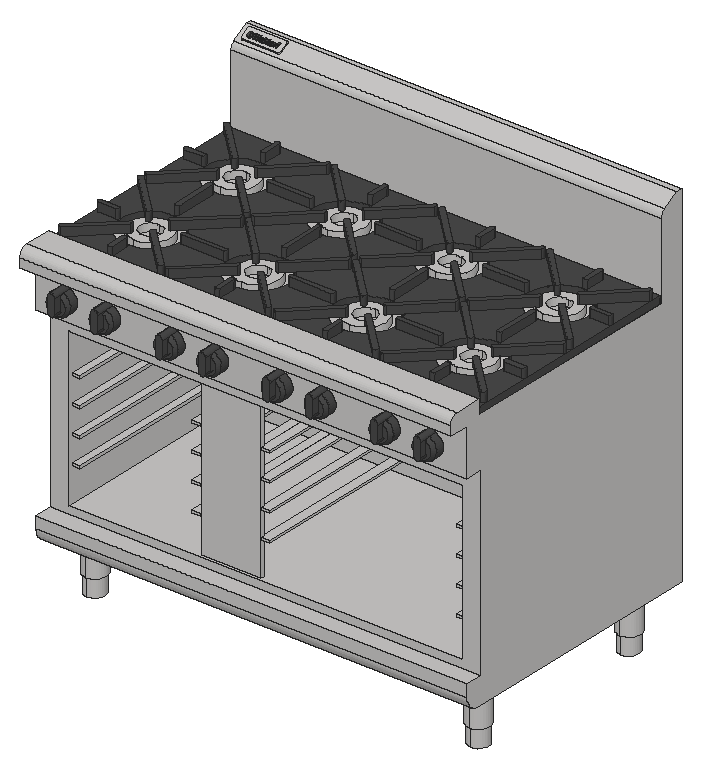
Revit family "QF_MOFFAT WALDORF_RN8800G-CB", category Specialty Equipment, Revit 2012 (continued)
Lines and regions (mm)
  symbolic lines
    curve 22: line (389.563, -20.984, 0) -> (409.563, -20.984, 0)
    curve 23: line (409.563, -20.984, 0) -> (409.563, -50.782, 0)
    curve 24: line (409.563, -50.782, 0) -> (389.563, -50.782, 0)
    curve 25: line (449.563, -20.984, 0) -> (449.563, -50.782, 0)
    curve 26: line (449.563, -50.782, 0) -> (469.563, -50.782, 0)
    curve 27: line (469.563, -50.782, 0) -> (469.563, -20.984, 0)
    curve 28: line (469.563, -20.984, 0) -> (449.563, -20.984, 0)
    curve 29: line (509.563, -20.984, 0) -> (509.563, -50.782, 0)
    curve 30: line (509.563, -50.782, 0) -> (529.563, -50.782, 0)
    curve 31: line (529.563, -50.782, 0) -> (529.563, -20.984, 0)
    curve 32: line (529.563, -20.984, 0) -> (509.563, -20.984, 0)
    curve 33: line (569.563, -50.782, 0) -> (569.563, -20.984, 0)
    curve 34: line (569.563, -20.984, 0) -> (589.563, -20.984, 0)
    curve 35: line (589.563, -20.984, 0) -> (589.563, -50.782, 0)
    curve 36: line (589.563, -50.782, 0) -> (569.563, -50.782, 0)
    curve 37: line (629.563, -20.984, 0) -> (629.563, -50.782, 0)
    curve 38: line (629.563, -50.782, 0) -> (649.563, -50.782, 0)
    curve 39: line (649.563, -50.782, 0) -> (649.563, -20.984, 0)
    curve 40: line (649.563, -20.984, 0) -> (629.563, -20.984, 0)
    curve 41: line (689.563, -20.984, 0) -> (689.563, -50.782, 0)
    curve 42: line (689.563, -50.782, 0) -> (709.563, -50.782, 0)
    curve 43: line (709.563, -50.782, 0) -> (709.563, -20.984, 0)
    curve 44: line (709.563, -20.984, 0) -> (689.563, -20.984, 0)
    curve 45: line (749.563, -50.782, 0) -> (749.563, -20.984, 0)
    curve 46: line (749.563, -20.984, 0) -> (769.563, -20.984, 0)
    curve 47: line (769.563, -20.984, 0) -> (769.563, -50.782, 0)
    curve 48: line (769.563, -50.782, 0) -> (749.563, -50.782, 0)
    curve 49: line (809.563, -20.984, 0) -> (809.563, -50.782, 0)
    curve 50: line (809.563, -50.782, 0) -> (829.563, -50.782, 0)
    curve 51: line (829.563, -50.782, 0) -> (829.563, -20.984, 0)
    curve 52: line (829.563, -20.984, 0) -> (809.563, -20.984, 0)
    curve 53: line (869.563, -20.984, 0) -> (869.563, -50.782, 0)
    curve 54: line (869.563, -50.782, 0) -> (889.563, -50.782, 0)
    curve 55: line (889.563, -50.782, 0) -> (889.563, -20.984, 0)
    curve 56: line (889.563, -20.984, 0) -> (869.563, -20.984, 0)
    curve 57: line (929.563, -50.782, 0) -> (929.563, -20.984, 0)
    curve 58: line (929.563, -20.984, 0) -> (949.563, -20.984, 0)
    curve 59: line (949.563, -20.984, 0) -> (949.563, -50.782, 0)
    curve 60: line (949.563, -50.782, 0) -> (929.563, -50.782, 0)
    curve 61: line (989.563, -20.984, 0) -> (989.563, -50.782, 0)
    curve 62: line (989.563, -50.782, 0) -> (1009.563, -50.782, 0)
    curve 63: line (1009.563, -50.782, 0) -> (1009.563, -20.984, 0)
    curve 64: line (1009.563, -20.984, 0) -> (989.563, -20.984, 0)
    curve 65: arc (150, -153.418, 0) -> (234.082, -237.5, 0) -> (150, -321.582, 0) r 84.082
    curve 66: arc (150, -321.582, 0) -> (65.918, -237.5, 0) -> (150, -153.418, 0) r 84.082
    curve 67: arc (150, -294.5, 0) -> (207, -237.5, 0) -> (150, -180.5, 0) r 57
    curve 68: arc (150, -180.5, 0) -> (93, -237.5, 0) -> (150, -294.5, 0) r 57
    curve 69: arc (450, -321.582, 0) -> (365.918, -237.5, 0) -> (450, -153.418, 0) r 84.082
    curve 70: arc (450, -153.418, 0) -> (534.082, -237.5, 0) -> (450, -321.582, 0) r 84.082
    curve 71: arc (450, -180.5, 0) -> (393, -237.5, 0) -> (450, -294.5, 0) r 57
    curve 72: arc (450, -294.5, 0) -> (507, -237.5, 0) -> (450, -180.5, 0) r 57
    curve 73: arc (450, -621.582, 0) -> (365.918, -537.5, 0) -> (450, -453.418, 0) r 84.082
    curve 74: arc (450, -453.418, 0) -> (534.082, -537.5, 0) -> (450, -621.582, 0) r 84.082
    curve 75: arc (450, -480.5, 0) -> (393, -537.5, 0) -> (450, -594.5, 0) r 57
    curve 76: arc (450, -594.5, 0) -> (507, -537.5, 0) -> (450, -480.5, 0) r 57
    curve 77: arc (150, -453.418, 0) -> (234.082, -537.5, 0) -> (150, -621.582, 0) r 84.082
    curve 78: arc (150, -621.582, 0) -> (65.918, -537.5, 0) -> (150, -453.418, 0) r 84.082
    curve 79: arc (150, -594.5, 0) -> (207, -537.5, 0) -> (150, -480.5, 0) r 57
    curve 80: arc (150, -480.5, 0) -> (93, -537.5, 0) -> (150, -594.5, 0) r 57
    curve 81: arc (750, -153.418, 0) -> (834.082, -237.5, 0) -> (750, -321.582, 0) r 84.082
    curve 82: arc (750, -321.582, 0) -> (665.918, -237.5, 0) -> (750, -153.418, 0) r 84.082
    curve 83: arc (750, -294.5, 0) -> (807, -237.5, 0) -> (750, -180.5, 0) r 57
    curve 84: arc (750, -180.5, 0) -> (693, -237.5, 0) -> (750, -294.5, 0) r 57
    curve 85: arc (750, -453.418, 0) -> (834.082, -537.5, 0) -> (750, -621.582, 0) r 84.082
    curve 86: arc (750, -621.582, 0) -> (665.918, -537.5, 0) -> (750, -453.418, 0) r 84.082
    curve 87: arc (750, -594.5, 0) -> (807, -537.5, 0) -> (750, -480.5, 0) r 57
    curve 88: arc (750, -480.5, 0) -> (693, -537.5, 0) -> (750, -594.5, 0) r 57
    curve 89: arc (1050, -321.582, 0) -> (965.918, -237.5, 0) -> (1050, -153.418, 0) r 84.082
    curve 90: arc (1050, -153.418, 0) -> (1134.082, -237.5, 0) -> (1050, -321.582, 0) r 84.082
    curve 91: arc (1050, -294.5, 0) -> (1107, -237.5, 0) -> (1050, -180.5, 0) r 57
    curve 92: arc (1050, -180.5, 0) -> (993, -237.5, 0) -> (1050, -294.5, 0) r 57
    curve 93: arc (1050, -621.582, 0) -> (965.918, -537.5, 0) -> (1050, -453.418, 0) r 84.082
    curve 94: arc (1050, -453.418, 0) -> (1134.082, -537.5, 0) -> (1050, -621.582, 0) r 84.082
    curve 95: arc (1050, -480.5, 0) -> (993, -537.5, 0) -> (1050, -594.5, 0) r 57
    curve 96: arc (1050, -594.5, 0) -> (1107, -537.5, 0) -> (1050, -480.5, 0) r 57
    curve 97: line (149.548, -91.559, 0) -> (149.548, -150.474, 0)
    curve 98: line (292.985, -93.673, 0) -> (177.661, -208.996, 0)
    curve 99: line (6.308, -93.805, 0) -> (122.981, -210.478, 0)
    curve 100: line (4.051, -237.21, 0) -> (62.934, -237.21, 0)
    curve 101: line (237.206, -237.685, 0) -> (362.206, -237.685, 0)
    curve 102: line (177.414, -264.855, 0) -> (292.362, -379.803, 0)
    curve 103: line (121.919, -265.123, 0) -> (7.026, -380.016, 0)
    curve 104: line (149.925, -324.847, 0) -> (149.925, -444.847, 0)
    curve 105: line (149.548, -683.441, 0) -> (149.548, -624.526, 0)
    curve 106: line (292.985, -681.327, 0) -> (177.661, -566.004, 0)
    curve 107: line (6.308, -681.195, 0) -> (122.981, -564.522, 0)
    curve 108: line (4.051, -537.79, 0) -> (62.934, -537.79, 0)
    curve 109: line (237.206, -537.315, 0) -> (362.206, -537.315, 0)
    curve 110: line (177.414, -510.145, 0) -> (292.362, -395.197, 0)
    curve 111: line (121.919, -509.877, 0) -> (7.026, -394.984, 0)
    curve 112: line (450.452, -91.559, 0) -> (450.452, -150.474, 0)
    curve 113: line (307.015, -93.673, 0) -> (422.339, -208.996, 0)
    curve 114: line (593.692, -93.805, 0) -> (477.019, -210.478, 0)
    curve 115: line (422.586, -264.855, 0) -> (307.638, -379.803, 0)
    curve 116: line (478.081, -265.123, 0) -> (592.974, -380.016, 0)
    curve 117: line (450.075, -324.847, 0) -> (450.075, -444.847, 0)
    curve 118: line (450.452, -683.441, 0) -> (450.452, -624.526, 0)
    curve 119: line (307.015, -681.327, 0) -> (422.339, -566.004, 0)
    curve 120: line (593.692, -681.195, 0) -> (477.019, -564.522, 0)
    curve 121: line (362.794, -537.315, 0) -> (237.794, -537.315, 0)
    curve 122: line (422.586, -510.145, 0) -> (307.638, -395.197, 0)
    curve 123: line (478.081, -509.877, 0) -> (592.974, -394.984, 0)
    curve 124: arc (1050, -153.418, 0) -> (965.918, -237.5, 0) -> (1050, -321.582, 0) r 84.082
    curve 125: arc (1050, -321.582, 0) -> (1134.082, -237.5, 0) -> (1050, -153.418, 0) r 84.082
    curve 126: arc (1050, -294.5, 0) -> (993, -237.5, 0) -> (1050, -180.5, 0) r 57
    curve 127: arc (1050, -180.5, 0) -> (1107, -237.5, 0) -> (1050, -294.5, 0) r 57
    curve 128: arc (750, -321.582, 0) -> (834.082, -237.5, 0) -> (750, -153.418, 0) r 84.082
    curve 129: arc (750, -153.418, 0) -> (665.918, -237.5, 0) -> (750, -321.582, 0) r 84.082
    curve 130: arc (750, -180.5, 0) -> (807, -237.5, 0) -> (750, -294.5, 0) r 57
    curve 131: arc (750, -294.5, 0) -> (693, -237.5, 0) -> (750, -180.5, 0) r 57
    curve 132: arc (750, -621.582, 0) -> (834.082, -537.5, 0) -> (750, -453.418, 0) r 84.082
    curve 133: arc (750, -453.418, 0) -> (665.918, -537.5, 0) -> (750, -621.582, 0) r 84.082
    curve 134: arc (750, -480.5, 0) -> (807, -537.5, 0) -> (750, -594.5, 0) r 57
    curve 135: arc (750, -594.5, 0) -> (693, -537.5, 0) -> (750, -480.5, 0) r 57
    curve 136: arc (1050, -453.418, 0) -> (965.918, -537.5, 0) -> (1050, -621.582, 0) r 84.082
    curve 137: arc (1050, -621.582, 0) -> (1134.082, -537.5, 0) -> (1050, -453.418, 0) r 84.082
    curve 138: arc (1050, -594.5, 0) -> (993, -537.5, 0) -> (1050, -480.5, 0) r 57
    curve 139: arc (1050, -480.5, 0) -> (1107, -537.5, 0) -> (1050, -594.5, 0) r 57
    curve 140: line (1050.452, -91.559, 0) -> (1050.452, -150.474, 0)
    curve 141: line (907.015, -93.673, 0) -> (1022.339, -208.996, 0)
    curve 142: line (1195.949, -237.21, 0) -> (1137.066, -237.21, 0)
    curve 143: line (962.794, -237.685, 0) -> (837.794, -237.685, 0)
    curve 144: line (1022.586, -264.855, 0) -> (907.638, -379.803, 0)
    curve 145: line (1078.081, -265.123, 0) -> (1192.974, -380.016, 0)
    curve 146: line (1050.075, -324.847, 0) -> (1050.075, -444.847, 0)
    curve 147: line (1050.452, -683.441, 0) -> (1050.452, -624.526, 0)
    curve 148: line (907.015, -681.327, 0) -> (1022.339, -566.004, 0)
    curve 149: line (1193.692, -681.195, 0) -> (1077.019, -564.522, 0)
    curve 150: line (1195.949, -537.79, 0) -> (1137.066, -537.79, 0)
    curve 151: line (962.794, -537.315, 0) -> (837.794, -537.315, 0)
    curve 152: line (1022.586, -510.145, 0) -> (907.638, -395.197, 0)
    curve 153: line (1078.081, -509.877, 0) -> (1192.974, -394.984, 0)
    curve 154: line (749.548, -91.559, 0) -> (749.548, -150.474, 0)
    curve 155: line (892.985, -93.673, 0) -> (777.661, -208.996, 0)
    curve 156: line (606.308, -93.805, 0) -> (722.981, -210.478, 0)
    curve 157: line (777.414, -264.855, 0) -> (892.362, -379.803, 0)
    curve 158: line (721.919, -265.123, 0) -> (607.026, -380.016, 0)
    curve 159: line (749.925, -324.847, 0) -> (749.925, -444.847, 0)
    curve 160: line (749.548, -683.441, 0) -> (749.548, -624.526, 0)
    curve 161: line (892.985, -681.327, 0) -> (777.661, -566.004, 0)
    curve 162: line (606.308, -681.195, 0) -> (722.981, -564.522, 0)
    curve 163: line (837.206, -537.315, 0) -> (962.206, -537.315, 0)
    curve 164: line (777.414, -510.145, 0) -> (892.362, -395.197, 0)
    curve 165: line (721.919, -509.877, 0) -> (607.026, -394.984, 0)
    curve 166: line (1192.985, -93.673, 0) -> (1077.661, -208.996, 0)
    curve 167: line (537.5, -237.685, 0) -> (662.5, -237.685, 0)
    curve 168: line (663.089, -537.315, 0) -> (538.089, -537.315, 0)
    curve 169: line (0, -387.5, 0) -> (1200, -387.5, 0)
    curve 170: line (300.379, -70, 0) -> (300.379, -705, 0)
    curve 171: line (600, -70, 0) -> (600, -705, 0)
    curve 172: line (900, -70, 0) -> (900, -705, 0)
    curve 173: line (1200, -805, 0) -> (1200, 0, 0)
    curve 174: line (0, -805, 0) -> (1200, -805, 0)
    curve 175: line (0, 0, 0) -> (0, -805, 0)
    curve 176: line (1200, -705, 0) -> (0, -705, 0)
    curve 177: line (0, -70, 0) -> (1200, -70, 0)
    curve 178: line (1200, 0, 0) -> (0, 0, 0)
    curve 179: arc (150, -267.5, 150) -> (120, -237.5, 150) -> (150, -207.5, 150) r 30
    curve 180: arc (150, -207.5, 150) -> (180, -237.5, 150) -> (150, -267.5, 150) r 30
    curve 181: arc (450, -267.5, 150) -> (420, -237.5, 150) -> (450, -207.5, 150) r 30
    curve 182: arc (450, -207.5, 150) -> (480, -237.5, 150) -> (450, -267.5, 150) r 30
    curve 183: arc (750, -207.5, 150) -> (780, -237.5, 150) -> (750, -267.5, 150) r 30
    curve 184: arc (750, -267.5, 150) -> (720, -237.5, 150) -> (750, -207.5, 150) r 30
    curve 185: arc (1050, -267.5, 150) -> (1020, -237.5, 150) -> (1050, -207.5, 150) r 30
    curve 186: arc (1050, -207.5, 150) -> (1080, -237.5, 150) -> (1050, -267.5, 150) r 30
    curve 187: arc (1050, -567.5, 150) -> (1020, -537.5, 150) -> (1050, -507.5, 150) r 30
    curve 188: arc (1050, -507.5, 150) -> (1080, -537.5, 150) -> (1050, -567.5, 150) r 30
    curve 189: arc (750, -507.5, 150) -> (780, -537.5, 150) -> (750, -567.5, 150) r 30
    curve 190: arc (750, -567.5, 150) -> (720, -537.5, 150) -> (750, -507.5, 150) r 30
    curve 191: arc (450, -507.5, 150) -> (480, -537.5, 150) -> (450, -567.5, 150) r 30
    curve 192: arc (450, -567.5, 150) -> (420, -537.5, 150) -> (450, -507.5, 150) r 30
    curve 193: arc (150, -507.5, 150) -> (180, -537.5, 150) -> (150, -567.5, 150) r 30
    curve 194: arc (150, -567.5, 150) -> (120, -537.5, 150) -> (150, -507.5, 150) r 30
Dimensions and locks
  equal spacing: plane 3 "LEFT", plane 7 "Center Y", plane 4 "RIGHT"
  plane 3 "LEFT" to plane 4 "RIGHT" = 1200.0 mm
  equal spacing: plane 5 "FRONT", plane 8 "Center X", plane 1 "BACK"
  plane 5 "FRONT" to plane 1 "BACK" = 805.0 mm
  "Base Height": plane 9 "Base Height" to level
  plane 6 "TOP" to level = 1130.0 mm
  plane 10 to plane 11 = 1069.0 mm
  "Body Height": plane 12 to level
  Extrusion 7 sketch curve to plane 13 = 64.8 mm
  Revolve 13 sketch curve to Revolve 13 sketch curve to Revolve 15 = 11.0 mm locked, 23.0 mm locked
  level to Extrusion 4 = 655.0 mm
  Extrusion 26 to Extrusion 26 = 477.356 mm
  aligned and locked: level to plane 2
  aligned and locked: Extrusion 1 to Revolve 13 sketch curve
Automatic sketch dimensions
  curve 65 to curve 67 = 0.0 mm  (x2)
  curve 69 to curve 71 = 0.0 mm  (x2)
  curve 73 to curve 75 = 0.0 mm
  curve 74 to curve 76 = 0.0 mm
  curve 77 to curve 79 = 0.0 mm  (x2)
  curve 81 to curve 83 = 0.0 mm  (x2)
  curve 81 to curve 128 = 0.0 mm  (x3)
  curve 81 to curve 130 = 0.0 mm  (x2)
  curve 85 to curve 87 = 0.0 mm  (x2)
  curve 85 to curve 132 = 0.0 mm
  curve 85 to curve 134 = 0.0 mm  (x2)
  curve 86 to curve 133 = 0.0 mm
  curve 89 to curve 91 = 0.0 mm  (x2)
  curve 90 to curve 127 = 0.0 mm
  curve 91 to curve 126 = 0.0 mm  (x2)
  curve 93 to curve 95 = 0.0 mm  (x2)
  curve 94 to curve 136 = 0.0 mm
  curve 96 to curve 139 = 0.0 mm
  curve 125 to curve 127 = 0.0 mm  (x2)
  curve 137 to curve 139 = 0.0 mm  (x2)
  curve 171 to plane 7 "Center Y" = 0.0 mm
  curve 169 to plane 4 "RIGHT" = 0.0 mm
  plane 3 "LEFT" to curve 100 = 4.051 mm
  plane 3 "LEFT" to curve 108 = 4.051 mm
  plane 3 "LEFT" to curve 107 = 6.308 mm
  plane 3 "LEFT" to curve 99 = 6.308 mm
  plane 3 "LEFT" to curve 111 = 7.026 mm
  plane 3 "LEFT" to curve 103 = 7.026 mm
  plane 3 "LEFT" to curve 3 = 12.5 mm
  curve 100 to plane 11 = 2.066 mm
  curve 108 to plane 11 = 2.066 mm
  plane 11 to curve 4 = 56.5 mm
  plane 11 to curve 103 = 56.919 mm
  plane 11 to curve 111 = 56.919 mm
  curve 111 to curve 107 = 1.062 mm
  curve 103 to curve 99 = 1.062 mm
  curve 99 to curve 97 = 26.567 mm
  plane 11 to curve 105 = 84.548 mm
  curve 2 to curve 5 = 28.062 mm
  curve 103 to curve 104 = 28.006 mm
  curve 104 to curve 80 = 0.075 mm
  curve 104 to curve 68 = 0.075 mm
  curve 5 to curve 7 = 20.0 mm
  curve 65 to curve 102 = 27.414 mm
  curve 77 to curve 110 = 27.414 mm
  curve 67 to curve 98 = 27.661 mm
  curve 79 to curve 106 = 27.661 mm
  curve 6 to curve 9 = 40.0 mm
  curve 9 to curve 12 = 20.0 mm
  curve 102 to curve 101 = 59.792 mm
  curve 110 to curve 109 = 59.792 mm
  curve 109 to curve 121 = 0.589 mm  (x2)
  curve 10 to curve 13 = 40.0 mm
  curve 13 to curve 16 = 20.0 mm
  plane 8 "Center X" to curve 110 = 7.303 mm
  curve 104 to curve 110 = 142.437 mm
  plane 8 "Center X" to curve 102 = 22.697 mm
  curve 102 to curve 110 = 0.0 mm
  curve 105 to curve 106 = 143.437 mm
  plane 1 "BACK" to curve 98 = 93.673 mm
  curve 14 to curve 98 = 3.422 mm
  curve 14 to curve 170 = 10.817 mm
  curve 98 to curve 113 = 14.03 mm
  curve 106 to curve 119 = 14.03 mm
  plane 8 "Center X" to curve 122 = 7.303 mm
  curve 110 to curve 122 = 15.277 mm
  plane 8 "Center X" to curve 115 = 22.697 mm
  curve 102 to curve 115 = 15.277 mm
  curve 15 to curve 20 = 40.0 mm
  curve 17 to curve 19 = 20.0 mm
  curve 101 to curve 101 = 125.0 mm
  curve 121 to curve 109 = 124.411 mm
  curve 19 to curve 22 = 40.0 mm
  curve 21 to curve 23 = 20.0 mm
  curve 101 to curve 113 = 60.133 mm
  curve 121 to curve 119 = 59.544 mm
  curve 113 to curve 115 = 0.248 mm
  curve 119 to curve 122 = 0.248 mm
  curve 22 to curve 25 = 40.0 mm
  curve 122 to curve 73 = 27.414 mm
  curve 113 to curve 72 = 27.661 mm
  curve 74 to curve 117 = 0.075 mm
  curve 70 to curve 112 = 0.452 mm
  curve 73 to curve 118 = 0.452 mm
  curve 25 to curve 27 = 20.0 mm
  curve 73 to curve 120 = 27.019 mm
  curve 69 to curve 114 = 27.019 mm
  curve 73 to curve 123 = 28.081 mm
  curve 69 to curve 116 = 28.081 mm
  curve 26 to curve 30 = 40.0 mm
  curve 29 to curve 31 = 20.0 mm
  curve 167 to plane 7 "Center Y" = 62.5 mm
  curve 168 to plane 7 "Center Y" = 61.911 mm
  curve 33 to plane 7 "Center Y" = 30.437 mm
  curve 35 to plane 7 "Center Y" = 10.437 mm
  curve 123 to plane 7 "Center Y" = 7.026 mm
  curve 116 to plane 7 "Center Y" = 7.026 mm
  curve 120 to plane 7 "Center Y" = 6.308 mm
  curve 114 to plane 7 "Center Y" = 6.308 mm
  plane 7 "Center Y" to curve 156 = 6.308 mm
  plane 7 "Center Y" to curve 162 = 6.308 mm
  plane 7 "Center Y" to curve 165 = 7.026 mm
  plane 7 "Center Y" to curve 158 = 7.026 mm
  plane 7 "Center Y" to curve 37 = 29.563 mm
  curve 37 to curve 38 = 20.0 mm
  plane 7 "Center Y" to curve 167 = 62.5 mm
  plane 7 "Center Y" to curve 168 = 63.089 mm
  curve 38 to curve 41 = 40.0 mm
  curve 41 to curve 43 = 20.0 mm
  curve 167 to curve 158 = 59.419 mm
  curve 168 to curve 165 = 58.83 mm
  curve 158 to curve 156 = 1.062 mm
  curve 165 to curve 162 = 1.062 mm
  curve 162 to curve 160 = 26.567 mm
  curve 156 to curve 154 = 26.567 mm
  curve 43 to curve 45 = 40.0 mm
  curve 158 to curve 159 = 28.006 mm
  curve 159 to curve 128 = 0.075 mm
  curve 162 to curve 133 = 27.019 mm
  curve 45 to curve 47 = 20.0 mm
  curve 85 to curve 164 = 27.414 mm
  curve 81 to curve 157 = 27.414 mm
  curve 84 to curve 155 = 27.661 mm
  curve 134 to curve 161 = 27.661 mm
  curve 47 to curve 50 = 40.0 mm
  curve 49 to curve 51 = 20.0 mm
  curve 164 to curve 163 = 59.792 mm
  curve 163 to curve 151 = 0.589 mm  (x2)
  curve 157 to curve 143 = 60.381 mm
  curve 51 to curve 53 = 40.0 mm
  curve 53 to curve 55 = 20.0 mm
  plane 8 "Center X" to curve 164 = 7.303 mm
  curve 159 to curve 164 = 142.437 mm
  plane 8 "Center X" to curve 157 = 22.697 mm
  curve 157 to curve 164 = 0.0 mm
  curve 160 to curve 161 = 143.437 mm
  plane 1 "BACK" to curve 155 = 93.673 mm
  curve 54 to curve 155 = 3.422 mm
  curve 54 to curve 172 = 10.438 mm
  curve 161 to curve 148 = 14.03 mm
  plane 1 "BACK" to curve 141 = 93.673 mm
  curve 155 to curve 141 = 14.03 mm
  plane 8 "Center X" to curve 144 = 22.697 mm
  curve 157 to curve 144 = 15.277 mm
  plane 8 "Center X" to curve 152 = 7.303 mm
  curve 164 to curve 152 = 15.277 mm
  curve 55 to curve 58 = 40.0 mm
  curve 57 to curve 60 = 20.0 mm
  curve 151 to curve 163 = 124.411 mm
  curve 143 to curve 143 = 125.0 mm
  curve 59 to curve 62 = 40.0 mm
  curve 61 to curve 63 = 20.0 mm
  curve 143 to curve 141 = 59.544 mm
  curve 151 to curve 148 = 59.544 mm
  curve 148 to curve 152 = 0.248 mm
  curve 141 to curve 144 = 0.248 mm
  curve 148 to curve 139 = 27.661 mm
  curve 144 to curve 92 = 27.414 mm
  curve 125 to curve 146 = 0.075 mm
  curve 137 to curve 147 = 0.452 mm
  curve 62 to curve 140 = 40.89 mm
  curve 136 to curve 149 = 27.019 mm
  curve 126 to curve 166 = 27.661 mm
  curve 136 to curve 153 = 28.081 mm
  curve 124 to curve 145 = 28.081 mm
  plane 10 to curve 150 = 3.066 mm
  plane 10 to curve 142 = 3.066 mm
  plane 4 "RIGHT" to curve 145 = 7.026 mm
  plane 4 "RIGHT" to curve 153 = 7.026 mm
  plane 4 "RIGHT" to curve 166 = 7.015 mm
  plane 4 "RIGHT" to curve 149 = 6.308 mm
  plane 4 "RIGHT" to curve 150 = 4.051 mm
  plane 4 "RIGHT" to curve 142 = 4.051 mm
  curve 159 to plane 8 "Center X" = 42.347 mm
  curve 146 to plane 8 "Center X" = 42.347 mm
  curve 117 to plane 8 "Center X" = 42.347 mm
  curve 104 to plane 8 "Center X" = 42.347 mm
  curve 94 to curve 146 = 8.57 mm
  curve 73 to curve 117 = 8.57 mm
  curve 86 to curve 159 = 8.57 mm
  curve 137 to curve 94 = 0.0 mm
  curve 77 to curve 104 = 8.57 mm
  curve 133 to curve 86 = 0.0 mm
  curve 79 to curve 77 = 27.082 mm
  curve 96 to curve 93 = 27.082 mm
  curve 88 to curve 85 = 27.082 mm
  curve 75 to curve 73 = 27.082 mm
  curve 139 to curve 95 = 0.0 mm
  curve 135 to curve 87 = 0.0 mm
  curve 153 to curve 138 = 29.377 mm
  curve 123 to curve 75 = 29.377 mm
  curve 111 to curve 79 = 29.377 mm
  curve 165 to curve 134 = 29.377 mm
  curve 152 to curve 95 = 29.645 mm
  curve 122 to curve 76 = 29.645 mm
  curve 110 to curve 79 = 29.645 mm
  curve 164 to curve 88 = 29.645 mm
  curve 168 to curve 165 = 27.439 mm
  curve 151 to curve 164 = 27.171 mm
  curve 109 to curve 110 = 27.171 mm
  curve 163 to curve 151 = 0.0 mm
  curve 109 to curve 121 = 0.0 mm
  curve 73 to curve 122 = 27.355 mm
  curve 133 to curve 164 = 27.355 mm
  curve 95 to curve 152 = 27.355 mm
  curve 77 to curve 110 = 27.355 mm
  curve 150 to curve 153 = 27.913 mm
  curve 108 to curve 111 = 27.913 mm
  curve 149 to curve 136 = 27.022 mm
  curve 107 to curve 77 = 27.022 mm
  curve 120 to curve 73 = 27.022 mm
  curve 162 to curve 85 = 27.022 mm
  curve 95 to curve 148 = 28.496 mm
  curve 79 to curve 106 = 28.496 mm
  curve 75 to curve 119 = 28.496 mm
  curve 134 to curve 161 = 28.496 mm
  curve 118 to curve 74 = 2.944 mm
  curve 160 to curve 133 = 2.944 mm
  curve 105 to curve 78 = 2.944 mm
  curve 147 to curve 137 = 2.944 mm
  curve 107 to plane 5 "FRONT" = 123.805 mm
  curve 120 to curve 162 = 0.0 mm
  curve 149 to plane 5 "FRONT" = 123.805 mm
  curve 161 to curve 148 = 0.0 mm
  curve 106 to plane 5 "FRONT" = 123.673 mm
  curve 106 to curve 119 = 0.0 mm
  curve 105 to curve 105 = 58.914 mm
  curve 147 to curve 147 = 58.914 mm
  curve 118 to curve 118 = 58.914 mm
  curve 160 to curve 160 = 58.914 mm
  curve 172 to curve 148 = 23.673 mm
  curve 170 to curve 119 = 23.673 mm
  curve 171 to curve 162 = 23.805 mm
  plane 8 "Center X" to curve 123 = 7.516 mm
  plane 8 "Center X" to curve 153 = 7.516 mm
  plane 8 "Center X" to curve 165 = 7.516 mm
  plane 8 "Center X" to curve 111 = 7.516 mm
  curve 153 to curve 169 = 7.484 mm
  curve 165 to curve 158 = 14.968 mm
  curve 169 to curve 103 = 7.484 mm
  curve 169 to curve 145 = 7.484 mm
  curve 116 to curve 158 = 0.0 mm
  plane 8 "Center X" to curve 117 = 77.653 mm
  plane 8 "Center X" to curve 104 = 77.653 mm
  plane 8 "Center X" to curve 159 = 77.653 mm
  plane 8 "Center X" to curve 146 = 77.653 mm
  curve 104 to curve 65 = 3.265 mm
  curve 159 to curve 128 = 3.265 mm
  curve 146 to curve 90 = 3.265 mm
  curve 117 to curve 70 = 3.265 mm
  curve 125 to curve 90 = 0.0 mm
  curve 81 to curve 130 = 27.082 mm
  curve 84 to curve 131 = 0.0 mm
  curve 89 to curve 126 = 27.082 mm
  curve 65 to curve 68 = 27.082 mm
  curve 69 to curve 72 = 27.082 mm
  curve 127 to curve 145 = 29.377 mm
  curve 84 to curve 158 = 29.377 mm
  curve 68 to curve 103 = 29.377 mm
  curve 72 to curve 116 = 29.377 mm
  curve 130 to curve 157 = 29.645 mm
  curve 92 to curve 144 = 29.645 mm
  curve 67 to curve 102 = 29.645 mm
  curve 71 to curve 115 = 29.645 mm
  curve 102 to curve 101 = 27.171 mm
  curve 157 to curve 143 = 27.171 mm
  curve 116 to curve 167 = 27.439 mm
  curve 102 to curve 68 = 27.355 mm
  curve 115 to curve 69 = 27.355 mm
  curve 157 to curve 83 = 27.355 mm
  curve 144 to curve 127 = 27.355 mm
  curve 103 to curve 100 = 27.913 mm
  curve 145 to curve 142 = 27.913 mm
  curve 81 to curve 156 = 27.022 mm
  curve 69 to curve 114 = 27.022 mm
  curve 65 to curve 99 = 27.022 mm
  curve 166 to curve 126 = 28.496 mm
  curve 98 to curve 67 = 28.496 mm
  curve 113 to curve 72 = 28.496 mm
  curve 155 to curve 84 = 28.496 mm
  curve 141 to curve 91 = 28.496 mm
  curve 82 to curve 154 = 2.944 mm
  curve 66 to curve 97 = 2.944 mm
  curve 125 to curve 140 = 2.944 mm
  curve 70 to curve 112 = 2.944 mm
  plane 1 "BACK" to curve 99 = 93.805 mm
  curve 114 to curve 156 = 0.0 mm
  plane 1 "BACK" to curve 166 = 93.673 mm
  curve 97 to curve 97 = 58.914 mm
  curve 112 to curve 112 = 58.914 mm
  curve 154 to curve 154 = 58.914 mm
  curve 140 to curve 140 = 58.914 mm
  curve 156 to curve 171 = 23.805 mm
  curve 141 to curve 172 = 23.673 mm
  curve 113 to curve 170 = 23.673 mm
  curve 97 to curve 2 = 39.499 mm
  curve 170 to curve 18 = 19.218 mm
  plane 1 "BACK" to curve 41 = 50.782 mm
  plane 1 "BACK" to curve 62 = 50.782 mm
  curve 18 to curve 21 = 0.0 mm
  curve 42 to curve 45 = 0.0 mm
  curve 23 to curve 25 = 0.0 mm
  curve 47 to curve 49 = 0.0 mm
  curve 26 to curve 29 = 0.0 mm
  curve 39 to curve 41 = 0.0 mm
  curve 171 to curve 33 = 19.218 mm
  curve 2 to curve 5 = 1.278 mm
  curve 172 to curve 53 = 19.218 mm
  curve 172 to curve 57 = 19.218 mm
  curve 170 to curve 15 = 19.218 mm
  curve 7 to curve 12 = 0.0 mm
  plane 1 "BACK" to curve 1 = 21.784 mm
  plane 1 "BACK" to curve 63 = 20.984 mm
  plane 1 "BACK" to curve 39 = 20.984 mm
  plane 1 "BACK" to curve 9 = 20.984 mm
  plane 1 "BACK" to curve 7 = 20.984 mm
  plane 1 "BACK" to curve 13 = 20.984 mm
  plane 1 "BACK" to curve 35 = 20.984 mm
  plane 1 "BACK" to curve 59 = 20.984 mm
  plane 1 "BACK" to curve 56 = 20.984 mm
  plane 1 "BACK" to curve 52 = 20.984 mm
  plane 1 "BACK" to curve 17 = 20.984 mm
  plane 1 "BACK" to curve 32 = 20.984 mm
  plane 1 "BACK" to curve 28 = 20.984 mm
  plane 1 "BACK" to curve 23 = 20.984 mm
  plane 1 "BACK" to curve 47 = 20.984 mm
  plane 1 "BACK" to curve 44 = 20.984 mm
  plane 5 "FRONT" to curve 173 = 0.0 mm
  curve 174 to plane 3 "LEFT" = 0.0 mm
  plane 1 "BACK" to curve 175 = 0.0 mm
  Revolve 2 sketch curve to plane 6 "TOP" = 332.895 mm
  Revolve 2 sketch curve to plane 5 "FRONT" = 56.0 mm
  Revolve 2 sketch curve to plane 6 "TOP" = 300.395 mm
  Revolve 2 sketch curve to Revolve 2 sketch curve = 10.0 mm
  Revolve 2 sketch curve to Revolve 2 sketch curve = 21.3 mm
  Revolve 2 sketch curve to plane 5 "FRONT" = 23.0 mm
  Revolve 2 sketch curve to plane 5 "FRONT" = 12.0 mm
  Revolve 2 sketch curve to Revolve 2 sketch curve = 0.0 mm  (x2)
  Revolve 2 sketch curve to Revolve 2 sketch curve = 5.0 mm
  Revolve 2 sketch curve to plane 6 "TOP" = 306.243 mm
  Extrusion 3 sketch curve to plane 6 "TOP" = 306.0 mm
  plane 11 to Extrusion 3 sketch curve = 135.0 mm
  Extrusion 3 sketch curve to Extrusion 3 sketch curve = 10.0 mm
  Extrusion 3 sketch curve to plane 6 "TOP" = 344.997 mm
  plane 1 "BACK" to Extrusion 4 sketch curve = 32.0 mm
  Extrusion 4 sketch curve to plane 10 = 64.0 mm
  Revolve 5 sketch curve to plane 5 "FRONT" = 12.0 mm
  Revolve 5 sketch curve to Revolve 5 sketch curve = 0.0 mm  (x2)
  Revolve 5 sketch curve to Revolve 5 sketch curve = 11.0 mm
  Revolve 5 sketch curve to Revolve 5 sketch curve = 12.7 mm
  Revolve 5 sketch curve to Revolve 5 sketch curve = 23.0 mm
  Revolve 5 sketch curve to Revolve 5 sketch curve = 10.0 mm
  Revolve 5 sketch curve to plane 6 "TOP" = 300.627 mm
  Revolve 5 sketch curve to plane 6 "TOP" = 306.475 mm
  Revolve 5 sketch curve to plane 6 "TOP" = 328.127 mm
  Revolve 5 sketch curve to plane 6 "TOP" = 333.127 mm
  Extrusion 6 sketch curve to plane 6 "TOP" = 306.0 mm
  plane 11 to Extrusion 6 sketch curve = 35.0 mm
  Extrusion 6 sketch curve to Extrusion 6 sketch curve = 10.0 mm
  Extrusion 6 sketch curve to plane 6 "TOP" = 345.0 mm
  Extrusion 1 to Extrusion 7 sketch curve = 1.0 mm  (x2)
  Extrusion 7 sketch curve to Extrusion 7 sketch curve = 3.0 mm
  Extrusion 1 to Extrusion 7 sketch curve = 4.0 mm
  Extrusion 1 to Extrusion 7 sketch curve = 167.5 mm  (x4)
  Extrusion 7 sketch curve to Extrusion 1 = 167.5 mm  (x4)
  Extrusion 7 sketch curve to Extrusion 1 = 4.0 mm  (x2)
  Extrusion 7 sketch curve to Extrusion 1 = 1.0 mm
  Extrusion 1 to Extrusion 7 sketch curve = 150.0 mm  (x4)
  Extrusion 7 sketch curve to Extrusion 7 sketch curve = 0.0 mm
  Extrusion 8 sketch curve to Extrusion 7 = 22.602 mm  (x8)
  Extrusion 8 sketch curve to Extrusion 7 = 25.398 mm  (x8)
  Extrusion 8 sketch curve to Extrusion 8 sketch curve = 4.525 mm  (x64)
  Extrusion 8 sketch curve to Extrusion 8 sketch curve = 49.204 mm  (x7)
  Extrusion 8 sketch curve to Extrusion 8 sketch curve = 55.923 mm  (x30)
  Extrusion 8 sketch curve to Extrusion 8 sketch curve = 0.0 mm  (x26)
  Extrusion 8 sketch curve to Extrusion 8 sketch curve = 20.524 mm  (x22)
  Extrusion 8 sketch curve to Extrusion 8 sketch curve = 6.4 mm  (x22)
  Extrusion 8 sketch curve to Extrusion 8 sketch curve = 53.847 mm  (x32)
  Extrusion 8 sketch curve to Extrusion 7 = 5.102 mm  (x5)
  Extrusion 8 sketch curve to Extrusion 8 sketch curve = 128.447 mm  (x14)
  Extrusion 8 sketch curve to Extrusion 7 = 14.153 mm  (x2)
  Extrusion 8 sketch curve to Extrusion 8 sketch curve = 12.205 mm  (x20)
  Extrusion 8 sketch curve to Extrusion 8 sketch curve = 116.204 mm  (x10)
  Extrusion 8 sketch curve to Extrusion 7 = 7.898 mm  (x4)
  Extrusion 8 sketch curve to Extrusion 7 = 31.653 mm  (x5)
  Extrusion 8 sketch curve to Extrusion 7 = 57.102 mm
  Extrusion 1 to Split face 1 sketch curve = 5.177 mm
  Split face 1 sketch curve to Extrusion 1 = 9.153 mm
  Split face 1 sketch curve to Extrusion 1 = 149.563 mm
  Split face 1 sketch curve to Split face 1 sketch curve = 20.0 mm
  Revolve 9 sketch curve to plane 6 "TOP" = 332.895 mm
  Revolve 9 sketch curve to plane 5 "FRONT" = 56.0 mm
  Revolve 9 sketch curve to plane 6 "TOP" = 300.395 mm
  Revolve 9 sketch curve to Revolve 9 sketch curve = 10.0 mm
  Revolve 9 sketch curve to Revolve 9 sketch curve = 21.3 mm
  Revolve 9 sketch curve to plane 5 "FRONT" = 23.0 mm
  Revolve 9 sketch curve to plane 5 "FRONT" = 12.0 mm
  Revolve 9 sketch curve to Revolve 9 sketch curve = 0.0 mm  (x2)
  Revolve 9 sketch curve to Revolve 9 sketch curve = 5.0 mm
  Revolve 9 sketch curve to plane 6 "TOP" = 306.243 mm
  Extrusion 10 sketch curve to plane 6 "TOP" = 306.0 mm
  Extrusion 10 sketch curve to plane 7 "Center Y" = 100.0 mm
  Extrusion 10 sketch curve to Extrusion 10 sketch curve = 10.0 mm
  Extrusion 10 sketch curve to plane 6 "TOP" = 344.997 mm
  Revolve 11 sketch curve to plane 5 "FRONT" = 12.0 mm
  Revolve 11 sketch curve to Revolve 11 sketch curve = 0.0 mm  (x2)
  Revolve 11 sketch curve to Revolve 11 sketch curve = 11.0 mm
  Revolve 11 sketch curve to Revolve 11 sketch curve = 12.7 mm
  Revolve 11 sketch curve to Revolve 11 sketch curve = 23.0 mm
  Revolve 11 sketch curve to Revolve 11 sketch curve = 10.0 mm
  Revolve 11 sketch curve to plane 6 "TOP" = 300.627 mm
  Revolve 11 sketch curve to plane 6 "TOP" = 306.475 mm
  Revolve 11 sketch curve to plane 6 "TOP" = 328.127 mm
  Revolve 11 sketch curve to plane 6 "TOP" = 333.127 mm
  Extrusion 12 sketch curve to plane 6 "TOP" = 306.0 mm
  Extrusion 12 sketch curve to plane 7 "Center Y" = 200.0 mm
  Extrusion 12 sketch curve to Extrusion 12 sketch curve = 10.0 mm
  Extrusion 12 sketch curve to plane 6 "TOP" = 345.0 mm
  Revolve 13 sketch curve to Revolve 13 sketch curve = 23.0 mm
  Revolve 13 sketch curve to Revolve 13 sketch curve = 12.7 mm
  Revolve 13 sketch curve to Revolve 13 sketch curve = 0.0 mm
  Revolve 13 sketch curve to plane 6 "TOP" = 332.895 mm  (x2)
  Revolve 13 sketch curve to Revolve 13 sketch curve = 5.0 mm
  Revolve 13 sketch curve to plane 6 "TOP" = 306.243 mm
  Revolve 13 sketch curve to Revolve 13 sketch curve = 5.849 mm
  Extrusion 14 sketch curve to plane 6 "TOP" = 306.0 mm
  plane 7 "Center Y" to Extrusion 14 sketch curve = 199.375 mm
  Extrusion 14 sketch curve to Extrusion 14 sketch curve = 10.0 mm
  Extrusion 14 sketch curve to plane 6 "TOP" = 344.997 mm
  Revolve 15 sketch curve to plane 5 "FRONT" = 12.0 mm
  Revolve 15 sketch curve to Revolve 15 sketch curve = 0.0 mm  (x2)
  Revolve 15 sketch curve to Revolve 15 sketch curve = 11.0 mm
  Revolve 15 sketch curve to Revolve 15 sketch curve = 12.7 mm
  Revolve 15 sketch curve to Revolve 15 sketch curve = 23.0 mm
  Revolve 15 sketch curve to Revolve 15 sketch curve = 10.0 mm
  Revolve 15 sketch curve to plane 6 "TOP" = 300.627 mm
  Revolve 15 sketch curve to plane 6 "TOP" = 306.475 mm
  Revolve 15 sketch curve to plane 6 "TOP" = 328.127 mm
  Revolve 15 sketch curve to plane 6 "TOP" = 333.127 mm
  Extrusion 16 sketch curve to plane 6 "TOP" = 306.0 mm
  plane 7 "Center Y" to Extrusion 16 sketch curve = 99.375 mm
  Extrusion 16 sketch curve to Extrusion 16 sketch curve = 10.0 mm
  Extrusion 16 sketch curve to plane 6 "TOP" = 345.0 mm
  Revolve 17 sketch curve to plane 6 "TOP" = 332.895 mm
  Revolve 17 sketch curve to plane 5 "FRONT" = 56.0 mm
  Revolve 17 sketch curve to plane 6 "TOP" = 300.395 mm
  Revolve 17 sketch curve to Revolve 17 sketch curve = 10.0 mm
  Revolve 17 sketch curve to Revolve 17 sketch curve = 21.3 mm
  Revolve 17 sketch curve to plane 5 "FRONT" = 23.0 mm
  Revolve 17 sketch curve to plane 5 "FRONT" = 12.0 mm
  Revolve 17 sketch curve to Revolve 17 sketch curve = 0.0 mm  (x2)
  Revolve 17 sketch curve to plane 6 "TOP" = 306.243 mm
  Revolve 17 sketch curve to Revolve 17 sketch curve = 5.0 mm
  Extrusion 18 sketch curve to plane 6 "TOP" = 306.0 mm
  Extrusion 18 sketch curve to plane 10 = 134.0 mm
  Extrusion 18 sketch curve to Extrusion 18 sketch curve = 10.0 mm
  Extrusion 18 sketch curve to plane 6 "TOP" = 344.997 mm
  Revolve 19 sketch curve to plane 5 "FRONT" = 12.0 mm
  Revolve 19 sketch curve to Revolve 19 sketch curve = 0.0 mm
  Revolve 19 sketch curve to Revolve 19 sketch curve = 11.0 mm
  Revolve 19 sketch curve to Revolve 19 sketch curve = 12.7 mm
  Revolve 19 sketch curve to Revolve 19 sketch curve = 23.0 mm
  Revolve 19 sketch curve to Revolve 19 sketch curve = 10.0 mm
  Revolve 19 sketch curve to plane 6 "TOP" = 333.127 mm  (x2)
  Revolve 19 sketch curve to Revolve 19 sketch curve = 5.0 mm
  Revolve 19 sketch curve to plane 6 "TOP" = 306.475 mm
  Revolve 19 sketch curve to Revolve 19 sketch curve = 5.849 mm
  Extrusion 20 sketch curve to plane 6 "TOP" = 306.0 mm
  Extrusion 20 sketch curve to plane 10 = 34.0 mm
  Extrusion 20 sketch curve to Extrusion 20 sketch curve = 10.0 mm
  Extrusion 20 sketch curve to plane 6 "TOP" = 345.0 mm
  Extrusion 1 to Split face 2 sketch curve = 5.177 mm
  Split face 2 sketch curve to Extrusion 1 = 9.153 mm
  Split face 2 sketch curve to Extrusion 1 = 209.563 mm
  Split face 2 sketch curve to Split face 2 sketch curve = 20.0 mm
  Extrusion 1 to Split face 3 sketch curve = 5.177 mm
  Split face 3 sketch curve to Extrusion 1 = 9.153 mm
  Split face 3 sketch curve to Extrusion 1 = 269.563 mm
  Split face 3 sketch curve to Split face 3 sketch curve = 20.0 mm
  Extrusion 1 to Split face 4 sketch curve = 5.177 mm
  Split face 4 sketch curve to Extrusion 1 = 9.153 mm
  Split face 4 sketch curve to Extrusion 1 = 329.563 mm
  Split face 4 sketch curve to Split face 4 sketch curve = 20.0 mm
  Extrusion 1 to Split face 5 sketch curve = 5.177 mm
  Split face 5 sketch curve to Extrusion 1 = 9.153 mm
  Split face 5 sketch curve to Extrusion 1 = 389.563 mm
  Split face 5 sketch curve to Split face 5 sketch curve = 20.0 mm
  Extrusion 1 to Split face 6 sketch curve = 5.177 mm
  Split face 6 sketch curve to Extrusion 1 = 9.153 mm
  Split face 6 sketch curve to Extrusion 1 = 449.563 mm
  Split face 6 sketch curve to Split face 6 sketch curve = 20.0 mm
  Extrusion 1 to Split face 7 sketch curve = 5.177 mm
  Split face 7 sketch curve to Extrusion 1 = 9.153 mm
  Split face 7 sketch curve to Extrusion 1 = 509.563 mm
  Split face 7 sketch curve to Split face 7 sketch curve = 20.0 mm
  Extrusion 1 to Split face 8 sketch curve = 5.177 mm
  Split face 8 sketch curve to Extrusion 1 = 9.153 mm
  Split face 8 sketch curve to Extrusion 1 = 569.563 mm
  Split face 8 sketch curve to Split face 8 sketch curve = 20.0 mm
  Extrusion 1 to Split face 9 sketch curve = 5.177 mm
  Split face 9 sketch curve to Extrusion 1 = 9.153 mm
  Split face 9 sketch curve to Extrusion 1 = 570.437 mm
  Split face 9 sketch curve to Split face 9 sketch curve = 20.0 mm
  Extrusion 1 to Split face 10 sketch curve = 5.177 mm
  Split face 10 sketch curve to Extrusion 1 = 9.153 mm
  Split face 10 sketch curve to Extrusion 1 = 510.437 mm
  Split face 10 sketch curve to Split face 10 sketch curve = 20.0 mm
  Extrusion 1 to Split face 11 sketch curve = 5.177 mm
  Split face 11 sketch curve to Extrusion 1 = 9.153 mm
  Split face 11 sketch curve to Extrusion 1 = 450.437 mm
  Split face 11 sketch curve to Split face 11 sketch curve = 20.0 mm
  Extrusion 1 to Split face 12 sketch curve = 5.177 mm
  Split face 12 sketch curve to Extrusion 1 = 9.153 mm
  Split face 12 sketch curve to Extrusion 1 = 390.437 mm
  Split face 12 sketch curve to Split face 12 sketch curve = 20.0 mm
  Extrusion 1 to Split face 13 sketch curve = 5.177 mm
  Split face 13 sketch curve to Extrusion 1 = 9.153 mm
  Split face 13 sketch curve to Extrusion 1 = 330.437 mm
  Split face 13 sketch curve to Split face 13 sketch curve = 20.0 mm
  Extrusion 1 to Split face 14 sketch curve = 5.177 mm
  Split face 14 sketch curve to Extrusion 1 = 9.153 mm
  Split face 14 sketch curve to Extrusion 1 = 270.437 mm
  Split face 14 sketch curve to Split face 14 sketch curve = 20.0 mm
  Extrusion 1 to Split face 15 sketch curve = 5.177 mm
  Split face 15 sketch curve to Extrusion 1 = 9.153 mm
  Split face 15 sketch curve to Extrusion 1 = 210.437 mm
  Split face 15 sketch curve to Split face 15 sketch curve = 20.0 mm
  Revolve 21 sketch curve to plane 9 "Base Height" = 0.0 mm
  Revolve 21 sketch curve to level = 0.0 mm
  level to Revolve 21 sketch curve = 50.0 mm
  plane 1 "BACK" to Revolve 21 sketch curve = 131.75 mm
  Revolve 21 sketch curve to Revolve 21 sketch curve = 4.25 mm
  Revolve 21 sketch curve to Revolve 21 sketch curve = 27.5 mm  (x2)
  Revolve 21 sketch curve to Revolve 21 sketch curve = 55.0 mm
  Revolve 21 sketch curve to Revolve 21 sketch curve = 0.0 mm
  Revolve 22 sketch curve to plane 9 "Base Height" = 0.0 mm
  Revolve 22 sketch curve to level = 0.0 mm
  level to Revolve 22 sketch curve = 50.0 mm
  Revolve 22 sketch curve to plane 5 "FRONT" = 148.25 mm
  Revolve 22 sketch curve to Revolve 22 sketch curve = 4.25 mm
  Revolve 22 sketch curve to Revolve 22 sketch curve = 27.5 mm  (x2)
  Revolve 22 sketch curve to Revolve 22 sketch curve = 55.0 mm
  Revolve 22 sketch curve to Revolve 22 sketch curve = 0.0 mm
  Revolve 23 sketch curve to plane 9 "Base Height" = 0.0 mm
  Revolve 23 sketch curve to level = 0.0 mm
  level to Revolve 23 sketch curve = 50.0 mm
  plane 1 "BACK" to Revolve 23 sketch curve = 131.75 mm
  Revolve 23 sketch curve to Revolve 23 sketch curve = 4.25 mm
  Revolve 23 sketch curve to Revolve 23 sketch curve = 27.5 mm  (x2)
  Revolve 23 sketch curve to Revolve 23 sketch curve = 0.0 mm
  Revolve 23 sketch curve to Revolve 23 sketch curve = 55.0 mm
  Revolve 24 sketch curve to plane 9 "Base Height" = 0.0 mm
  Revolve 24 sketch curve to level = 0.0 mm
  level to Revolve 24 sketch curve = 50.0 mm
  Revolve 24 sketch curve to plane 5 "FRONT" = 148.25 mm
  Revolve 24 sketch curve to Revolve 24 sketch curve = 4.25 mm
  Revolve 24 sketch curve to Revolve 24 sketch curve = 27.5 mm  (x2)
  Revolve 24 sketch curve to Revolve 24 sketch curve = 0.0 mm
  Revolve 24 sketch curve to Revolve 24 sketch curve = 55.0 mm
  Extrusion 25 sketch curve to plane 3 "LEFT" = 0.0 mm
  Extrusion 25 sketch curve to plane 11 = 15.0 mm
  plane 7 "Center Y" to Extrusion 25 sketch curve = 550.0 mm
  Extrusion 25 sketch curve to Extrusion 25 sketch curve = 50.0 mm
  plane 9 "Base Height" to Extrusion 25 sketch curve = 0.0 mm
  Extrusion 25 sketch curve to Extrusion 25 sketch curve = 92.5 mm
  Extrusion 25 sketch curve to plane 12 = 235.0 mm
  Extrusion 25 sketch curve to Extrusion 25 sketch curve = 55.0 mm
  Extrusion 1 sketch curve to plane 5 "FRONT" = 0.0 mm
  Extrusion 1 sketch curve to plane 12 = 0.0 mm
  Extrusion 1 sketch curve to plane 9 "Base Height" = 0.0 mm  (x2)
  Extrusion 1 sketch curve to plane 6 "TOP" = 0.0 mm
  Extrusion 1 sketch curve to plane 5 "FRONT" = 24.0 mm
  Extrusion 1 sketch curve to plane 5 "FRONT" = 56.0 mm  (x2)
  Extrusion 1 sketch curve to Extrusion 1 sketch curve = 38.0 mm
  Extrusion 1 sketch curve to Extrusion 1 sketch curve = 44.0 mm
  Extrusion 1 sketch curve to Extrusion 1 sketch curve = 12.0 mm
  plane 1 "BACK" to Extrusion 1 sketch curve = 70.0 mm
  Extrusion 1 sketch curve to Extrusion 1 sketch curve = 11.291 mm  (x2)
  Extrusion 1 sketch curve to Extrusion 1 sketch curve = 16.5 mm
  Extrusion 1 sketch curve to Extrusion 1 sketch curve = 34.5 mm
  Extrusion 1 sketch curve to plane 12 = 180.0 mm
  Extrusion 1 sketch curve to Extrusion 1 sketch curve = 25.0 mm
  Extrusion 1 sketch curve to Extrusion 1 sketch curve = 40.0 mm
  Extrusion 1 sketch curve to plane 6 "TOP" = 43.926 mm
  plane 1 "BACK" to Extrusion 1 sketch curve = 135.7 mm
  Extrusion 1 sketch curve to plane 1 "BACK" = 0.0 mm
  plane 1 "BACK" to Extrusion 26 sketch curve = 87.26 mm
  plane 7 "Center Y" to Extrusion 26 sketch curve = 533.988 mm
  Extrusion 26 sketch curve to Extrusion 26 sketch curve = 81.0 mm
  Extrusion 26 sketch curve to Extrusion 26 sketch curve = 48.5 mm
  plane 1 "BACK" to Extrusion 26 sketch curve = 38.76 mm
  Extrusion 26 sketch curve to plane 1 "BACK" = 30.24 mm
  Extrusion 1 to Extrusion 28 sketch curve = 75.0 mm  (x2)
  Extrusion 28 sketch curve to Extrusion 1 = 188.75 mm  (x3)
  Extrusion 28 sketch curve to Extrusion 28 sketch curve = 0.0 mm  (x9)
  Extrusion 1 to Extrusion 28 sketch curve = 50.0 mm  (x4)
  Extrusion 28 sketch curve to Extrusion 28 sketch curve = 6.35 mm  (x16)
  Extrusion 28 sketch curve to Extrusion 28 sketch curve = 68.65 mm  (x12)
  Extrusion 28 sketch curve to Extrusion 28 sketch curve = 25.0 mm  (x16)
  Extrusion 28 sketch curve to Extrusion 28 sketch curve = 520.75 mm
  Extrusion 28 sketch curve to Extrusion 28 sketch curve = 168.5 mm
  Extrusion 27 sketch curve to Extrusion 1 = 92.5 mm
  Extrusion 1 to Extrusion 27 sketch curve = 55.0 mm
  Extrusion 1 to Extrusion 27 sketch curve = 578.5 mm
  Extrusion 27 sketch curve to Extrusion 27 sketch curve = 166.0 mm
  Extrusion 7 sketch curve to Extrusion 7 sketch curve = 300.0 mm  (x3)
  Extrusion 29 sketch curve to Extrusion 29 sketch curve = 0.0 mm  (x98)
  Extrusion 1 to Extrusion 29 sketch curve = 110.5 mm  (x4)
  Extrusion 29 sketch curve to Extrusion 29 sketch curve = 27.0 mm  (x8)
  Extrusion 29 sketch curve to Extrusion 29 sketch curve = 30.0 mm  (x8)
  Extrusion 29 sketch curve to Extrusion 29 sketch curve = 186.0 mm  (x4)
  Extrusion 1 to Extrusion 29 sketch curve = 150.0 mm  (x4)
  Extrusion 29 sketch curve to Extrusion 29 sketch curve = 300.0 mm  (x2)
  plane 11 to curve 179 = 85.0 mm
  plane 8 "Center X" to curve 180 = 195.0 mm
  curve 179 to curve 180 = 30.0 mm
  curve 182 to plane 7 "Center Y" = 150.0 mm
  plane 8 "Center X" to curve 182 = 195.0 mm
  curve 181 to curve 182 = 30.0 mm
  plane 7 "Center Y" to curve 184 = 150.0 mm
  plane 8 "Center X" to curve 184 = 195.0 mm
  curve 183 to curve 183 = 30.0 mm
  curve 186 to plane 10 = 84.0 mm
  plane 8 "Center X" to curve 186 = 195.0 mm
  curve 185 to curve 186 = 30.0 mm
  curve 187 to plane 10 = 84.0 mm
  curve 188 to plane 8 "Center X" = 105.0 mm
  curve 187 to curve 188 = 30.0 mm
  plane 7 "Center Y" to curve 189 = 150.0 mm
  curve 189 to plane 8 "Center X" = 105.0 mm
  curve 189 to curve 190 = 30.0 mm
  curve 191 to plane 7 "Center Y" = 150.0 mm
  curve 191 to plane 8 "Center X" = 105.0 mm
  curve 191 to curve 192 = 30.0 mm
  curve 193 to curve 194 = 0.0 mm  (x2)
  plane 11 to curve 193 = 85.0 mm
  curve 194 to plane 8 "Center X" = 105.0 mm
  curve 193 to curve 193 = 30.0 mm
  radius of Extrusion 4 sketch curve = 13.5 mm
  radius of Extrusion 7 sketch curve = 84.082 mm  (x8)
Nested families
  nested 1: "RN8800G-CB-CASTERS" at (65, -100, 0), Show Casters <- "Show Casters", visible <- "Show Casters", type "RN8800G-CB-CASTERS"
    with Type Mark "", Status "", Specification by User "", Show Casters no, Revision Code "", Item Number "", Installed By "", Identify Quantity as Lot yes, Furnished By "", Foodservice Equipment Identifier yes
  nested 2: "RN8800G-CB-CASTERS" at (1134, -100, 0), Show Casters <- "Show Casters", visible <- "Show Casters", type "RN8800G-CB-CASTERS"
    with Type Mark "", Status "", Specification by User "", Show Casters no, Revision Code "", Item Number "", Installed By "", Identify Quantity as Lot yes, Furnished By "", Foodservice Equipment Identifier yes
  nested 3: "WALDORF LOGO_FACE BASE" at (12.031, -22.109, 1126.761) x (1, 0, 0) z (0, -0.5, 0.866), visible <- "Show Logo", type "WALDORF LOGO_FACE BASE", detail levels medium+fine
    with Show Logo yes
Connectors
  piping at (1070, -32, 655)
    settings: on Extrusion 4, index 1, connector radius 0.37402", flow factor 0, pipe flow 0 GPM, pressure drop 0.00 psi, fitting loss kfactor 0, connector angle 0.00°, fixture units 0, engagement length 0.0 mm, flow configuration 1, flow direction 1, fitting loss method 0, system type 7, joint type 0, gender type 0, connector reference index -1, connector utility 0, adjustable connector no, is connector primary yes, fitting loss table "", connector description "GAS CONNECTION"
Definition of nested family "WALDORF LOGO_FACE BASE"
  Parameters (values of type "WALDORF LOGO_FACE BASE")
    Show Logo [instance] = yes
    Default Elevation = 1219.2 mm
  Reference planes
    plane 1 "Center (Front/Back)": y = 0
    plane 2: z = 0
    plane 3 "Center (Left/Right)": x = 0
  Forms (mm)
    Extrusion 1, solid
      sketch origin (0, 0, 0) x (1, 0, 0) y (0, 1, 0)
        loop
          line (-1219.2, 1219.2) -> (-1219.2, -1219.2) -> (1219.2, -1219.2) -> (1219.2, 1219.2) -> (-1219.2, 1219.2)
      from 0 to -304.8
    Extrusion 2, solid, material "QF_Finishes_Stainless Steel", visible <- "Show Logo"
      sketch origin (0, -33.217, 0) x (1, 0, 0) y (0, 1, 0)
        loop
          arc (5, 34.14) -> (1.464, 32.676) -> (0, 29.14) r 5
          line (0, 29.14) -> (0, 5)
          arc (0, 5) -> (1.464, 1.464) -> (5, 0) r 5
          line (5, 0) -> (104, 0)
          arc (104, 0) -> (107.536, 1.464) -> (109, 5) r 5
          line (109, 5) -> (109, 29.14)
          arc (109, 29.14) -> (107.536, 32.676) -> (104, 34.14) r 5
          line (104, 34.14) -> (5, 34.14)
      from 0 to 1.588
    Extrusion 3, solid, material "QF_Finishes_Black", visible <- "Show Logo"
      sketch origin (0, -33.217, 1.588) x (1, 0, 0) y (0, 1, 0)
        loop
          line (24.772, 23.214) -> (27.992, 10.301) -> (31.551, 10.301) -> (33.443, 17.364) -> (35.205, 10.301) -> (39.332, 10.301) -> (42.077, 23.214) -> (38.352, 23.214) -> (36.676, 15.33) -> (35, 23.214) -> (31.752, 23.214) -> (30.076, 15.33) -> (28.4, 23.214) -> (24.772, 23.214)
        loop
          line (42.272, 17.055) -> (45.703, 17.055)
          spline (45.703, 17.055) -> (45.741, 17.285) -> (45.852, 17.499) -> (46.028, 17.682) -> (46.258, 17.823) -> (46.526, 17.912) -> (46.813, 17.942) -> (47.1, 17.912) -> (47.368, 17.823) -> (47.597, 17.682) -> (47.774, 17.499) -> (47.884, 17.285) -> (47.922, 17.055)
          line (47.922, 17.055) -> (47.922, 16.222)
          arc (47.922, 16.222) -> (45.742, 16.014) -> (43.665, 15.317) r 9.604
          arc (43.665, 15.317) -> (41.924, 12.809) -> (43.665, 10.301) r 2.677
          arc (43.665, 10.301) -> (45.527, 10.353) -> (47.332, 10.816) r 8.365
          line (47.332, 10.816) -> (48.092, 11.105) -> (48.092, 10.301) -> (51.817, 10.301) -> (51.817, 17.055)
          spline (51.817, 17.055) -> (51.654, 17.821) -> (51.178, 18.535) -> (50.419, 19.148) -> (49.431, 19.619) -> (48.28, 19.914) -> (47.044, 20.015) -> (45.809, 19.914) -> (44.658, 19.619) -> (43.67, 19.148) -> (42.911, 18.535) -> (42.434, 17.821) -> (42.272, 17.055)
        loop
          line (53.151, 23.214) -> (53.151, 10.301) -> (57.37, 10.301) -> (57.37, 23.214) -> (53.151, 23.214)
        loop
          line (64.874, 23.214) -> (64.874, 18.857)
          arc (64.874, 18.857) -> (58.083, 15.11) -> (64.874, 11.363) r 4.429
          line (64.874, 11.363) -> (64.874, 10.301) -> (68.378, 10.301) -> (68.378, 23.214) -> (64.874, 23.214)
        loop
          arc (64.874, 16.083) -> (61.41, 14.987) -> (64.874, 13.891) r 1.905
          line (64.874, 13.891) -> (64.874, 16.083)
        loop
          circle (74.623, 15.223) r 5
        loop
          spline (74.623, 17.856) -> (74.355, 17.766) -> (74.105, 17.503) -> (73.891, 17.084) -> (73.726, 16.539) -> (73.623, 15.904) -> (73.588, 15.223) -> (73.623, 14.541) -> (73.726, 13.906) -> (73.891, 13.361) -> (74.105, 12.942) -> (74.355, 12.679) -> (74.623, 12.59)
          spline (74.623, 12.59) -> (74.891, 12.679) -> (75.141, 12.942) -> (75.355, 13.361) -> (75.52, 13.906) -> (75.623, 14.541) -> (75.659, 15.223) -> (75.623, 15.904) -> (75.52, 16.539) -> (75.355, 17.084) -> (75.141, 17.503) -> (74.891, 17.766) -> (74.623, 17.856)
        loop
          line (81.255, 19.813) -> (81.255, 10.301) -> (84.834, 10.301) -> (84.834, 14.176)
          arc (84.834, 14.176) -> (85.854, 16.093) -> (88.013, 16.32) r 2.313
          line (88.013, 16.32) -> (88.013, 19.813) -> (87.161, 19.813)
          arc (87.161, 19.813) -> (85.526, 19.266) -> (84.549, 17.844) r 2.717
          line (84.549, 17.844) -> (84.549, 19.813) -> (81.255, 19.813)
        loop
          line (90.249, 19.813) -> (88.91, 19.813) -> (88.91, 17.614) -> (90.249, 17.614) -> (90.249, 10.301) -> (93.998, 10.301) -> (93.998, 17.614) -> (95.418, 17.614) -> (95.418, 19.813) -> (93.998, 19.813)
          arc (93.998, 19.813) -> (94.414, 20.817) -> (95.418, 21.233) r 1.42
          line (95.418, 21.233) -> (95.418, 23.602) -> (93.317, 23.602)
          arc (93.317, 23.602) -> (91.343, 22.903) -> (90.249, 21.118) r 3.137
          line (90.249, 21.118) -> (90.249, 19.813)
        loop
          arc (15.241, 23.571) -> (8.392, 16.525) -> (15.241, 9.479) r 7.049
          line (15.241, 9.479) -> (15.241, 23.571)
        loop
          line (15.641, 23.571) -> (15.641, 9.479)
          arc (15.641, 9.479) -> (22.49, 16.525) -> (15.641, 23.571) r 7.049
        loop
          arc (47.922, 14.711) -> (46.266, 13.749) -> (47.922, 12.787) r 1.107
          line (47.922, 12.787) -> (47.922, 14.711)
      from 0 to 0.2
  Dimensions and locks
    aligned and locked: plane 2 to Extrusion 1
    aligned and locked: level to Extrusion 1
Definition of nested family "RN8800G-CB-CASTERS"
  Parameters (values of type "BTL8450-CB-CASTERS")
    Weight = ""
    URL Manufacturer = ""
    URL Cutsheet = ""
    URL = ""
    Type Mark [instance] = ""
    Status [instance] = ""
    Specification by User [instance] = ""
    Specification by Manufacturer = ""
    Show Casters [instance] = no
    Serial Number = ""
    Seismic Rating = ""
    SMACNA No = ""
    Revision Code [instance] = ""
    Omniclass Number and Title = ""
    NAFEM Spec ID Number = ""
    Model = ""
    MasterSpec. = ""
    Manufacturer = ""
    Item Number [instance] = ""
    Installed By [instance] = ""
    Identify Quantity as Lot [instance] = yes
    Furnished By [instance] = ""
    Foodservice Equipment Identifier [instance] = yes
    Description = ""
    CSI MasterFormat = ""
    CSI Master Format = ""
    Assembly Code = ""
  Reference planes
    plane 1: z = 0
    plane 2 "RIGHT": x = 0
    plane 3 "FRONT": y = 0
    plane 4 "TOP": z = 177.8
  Forms (mm)
    Revolve 1, solid, material "QF_Finishes_Stainless Steel", visible <- "Show Casters"
      sketch origin (0, 56.335, 0) x (0, 1, 0) y (0, 0, 1)
        loop
          line (-56.335, 152.4) -> (-56.335, 141.118) -> (-23.798, 141.118) -> (-23.798, 152.4) -> (-56.335, 152.4)
        axis (-56.335, 141.118) -> (-56.335, 152.4)
      angle from 0 to 360
    Extrusion 2, solid, material "QF_Finishes_Stainless Steel", visible <- "Show Casters"
      sketch origin (-46.049, 56.335, 0) x (0, 1, 0) y (0, 0, 1)
        loop
          line (-85.799, 141.118) -> (-85.799, 133.498) -> (-82.136, 133.498)
          arc (-82.136, 133.498) -> (-79.344, 132.328) -> (-77.146, 130.248) r 8.432
          line (-77.146, 130.248) -> (-39.502, 49.52)
          arc (-39.502, 49.52) -> (-13.784, 46.107) -> (-5.673, 70.75) r 20.32
          arc (-5.673, 70.75) -> (-7.065, 73.611) -> (-8.887, 76.22) r 20.32
          arc (-8.887, 76.22) -> (-9.399, 85.377) -> (-6.626, 94.119) r 25.4
          line (-6.626, 94.119) -> (8.003, 121.632)
          arc (8.003, 121.632) -> (-2.347, 126.31) -> (-13.34, 129.167) r 66.802
          line (-13.34, 129.167) -> (-13.765, 133.498) -> (-26.871, 133.498) -> (-26.871, 141.118) -> (-85.799, 141.118)
      from 20.058 to 22.923
    Extrusion 3, solid, material "QF_Finishes_Stainless Steel", visible <- "Show Casters"
      sketch origin (3.326, 56.335, 0) x (0, 1, 0) y (0, 0, 1)
        loop
          line (-85.799, 141.118) -> (-85.799, 133.498) -> (-82.136, 133.498)
          arc (-82.136, 133.498) -> (-79.344, 132.328) -> (-77.146, 130.248) r 8.432
          line (-77.146, 130.248) -> (-39.502, 49.52)
          arc (-39.502, 49.52) -> (-13.784, 46.107) -> (-5.673, 70.75) r 20.32
